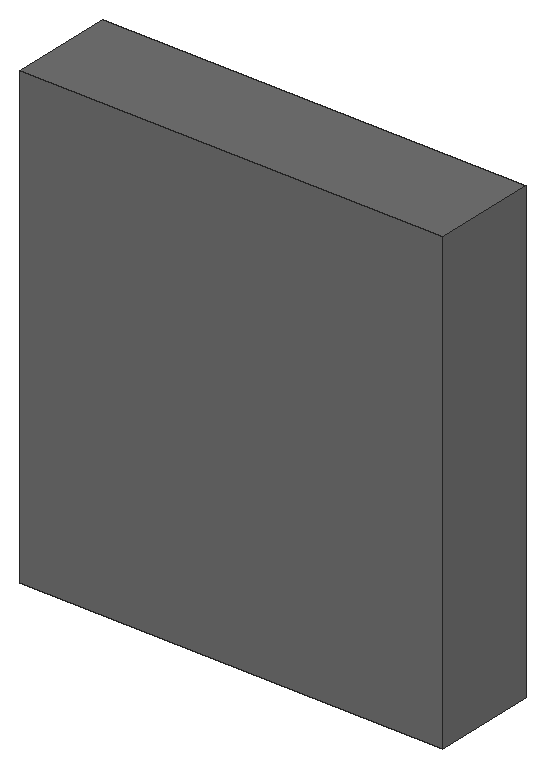
Revit family "HLSPS50 Strømforsyning 24VDC 5A", category Electrical Equipment, Revit 2016
Family settings
  Part Type = Other Panel
  Round Connector Dimension = Use Diameter
  OmniClass Number = 23.85.30.21.11
  OmniClass Title = Fire Detection, Monitoring and Alarm
  Work Plane-Based = No
  Always vertical = Yes
  Cut with Voids When Loaded = No
  Shared = No
  Room Calculation Point = No
Parameters (values of type "Strømforsyning")
  Type Comments = "-XG"
  Panel Name [instance] = "542"
  NS8360 = "5422_WB3"
  Manufacturer = "Honeywell"
  Keynote = "WB3"
  CQFontSymboler = ""
  CQ Width = 377 mm
  CQ Voltage = 230 V
  CQ Type tekst synlig = yes
  CQ Type = "24V"
  CQ Depth = 92 mm
  CQ Montering tekst synlig [instance] = no
  CQ Montering [instance] = "Vegg"
  CQ Material = Laminate, Dark Grey
  CQ Symbol Positive Direction [instance] = yes
  CQ Symbol Offset Side [instance] = 0 mm
  CQ Symbol Offset Out [instance] = 0 mm
  CQ Height = 408 mm
  CQ Font = 0 mm
  CQ Display = Laminate, Grey
  Assembly Code = "5422"
Reference planes
  plane 1 "Center (Front/Back)": y = 0
  plane 2: z = 0
  plane 3 "Center (Left/Right)": x = 0
  plane 4: z = 204
  plane 5: z = -204
  plane 6: x = -188.5
  plane 7: x = 188.5
  plane 8 "Front": y = 92
  plane 9: z = 144
  plane 10: y = 93
  plane 11: x = 148.5
Forms (mm)
  Extrusion 1, solid, material "Laminate, Dark Grey" <- "CQ Material"
    sketch origin (0, -130, 0) x (-1, 0, 0) y (0, 0, 1)
      loop
        line (188.5, 204) -> (-188.5, 204) -> (-188.5, -204) -> (188.5, -204) -> (188.5, 204)
    from 130 to 222
  Extrusion 2, solid, material "Laminate, Grey" <- "CQ Display"
    sketch origin (-30, 182, 0) x (-1, 0, 0) y (0, 0, 1)
      loop
        line (-78.5, 144) -> (-178.5, 144) -> (-178.5, 84) -> (-78.5, 84) -> (-78.5, 144)
    from -90 to -89
Lines and regions (mm)
  model lines, style "InvisibleLines"
    curve 1: line (0, 0, 0) -> (0, 0, 5)
  symbolic lines, style "InvisibleLines"
    curve 2: line (0, 92, 0) -> (0, 92, 629)
    curve 3: line (-188.5, 92, 0) -> (188.5, 92, 0)
    curve 4: line (188.5, 92, 0) -> (188.5, 0, 0)
    curve 5: line (-188.5, 0, 0) -> (-188.5, 92, 0)
Dimensions and locks
  equal spacing: plane 7, plane 3 "Center (Left/Right)", plane 6
  "CQ Width": plane 7 to plane 6
  equal spacing: plane 4, level, plane 5
  "CQ Height": plane 4 to plane 5
  "CQ Depth": plane 8 "Front" to plane 1 "Center (Front/Back)"
  plane 4 to plane 9 = 60 mm
  locked: plane 10 to plane 8 "Front" at 1
  locked: plane 7 to plane 11 at 40
  locked: plane 11 to Extrusion 2 sketch curve at 100
  locked: plane 9 to Extrusion 2 sketch curve at 60
  aligned and locked: level to plane 2
  aligned and locked: plane 3 "Center (Left/Right)" to nested 1
  aligned and locked: plane 1 "Center (Front/Back)" to nested 1
  aligned and locked: Extrusion 1 sketch curve to plane 6
  aligned and locked: Extrusion 1 sketch curve to plane 5
  aligned and locked: plane 7 to Extrusion 1 sketch curve
  aligned and locked: plane 8 "Front" to Extrusion 1
  aligned and locked: plane 1 "Center (Front/Back)" to Extrusion 1
  aligned and locked: plane 3 "Center (Left/Right)" to curve 2
  aligned and locked: level to curve 2
  aligned and locked: curve 3 to plane 8 "Front"
  aligned and locked: plane 7 to Extrusion 1
  aligned and locked: Extrusion 1 to plane 6
  aligned and locked: Extrusion 2 to plane 8 "Front"
  aligned and locked: plane 10 to Extrusion 2
  aligned and locked: plane 9 to Extrusion 2
  aligned and locked: plane 11 to Extrusion 2
Automatic sketch dimensions
  curve 1 to plane 3 "Center (Left/Right)" = 0 mm
  curve 1 to level = 0 mm
  level to curve 1 = 5 mm
  curve 5 to plane 6 = 0 mm
  plane 1 "Center (Front/Back)" to curve 4 = 0 mm
  curve 4 to plane 7 = 0 mm
  plane 1 "Center (Front/Back)" to curve 5 = 0 mm
  Extrusion 1 sketch curve to plane 4 = 0 mm
  plane 4 to curve 2 = 425 mm
  Extrusion 2 sketch curve to plane 9 = 0 mm
  Extrusion 2 sketch curve to plane 7 = 40 mm
Nested families
  nested 1: "Brannalarmsentral Symbol" at (0, 0, 0), type "Type 1"
Connectors
  electrical at (0, 0, 0), driven by "CQ Voltage"
    settings: index 1, voltage 230 V, apparent load 0 VA, apparent load phase1 0 VA, apparent load phase2 0 VA, apparent load phase3 0 VA, power factor 1, load classification "Other", number of poles 1, system type 31, power factor state 1, is connector primary yes, connector utility no, sub classification motor no, connector description ""
  electrical at (0, 0, 0)
    settings: index 2, voltage 0 V, apparent load 0 VA, apparent load phase1 0 VA, apparent load phase2 0 VA, apparent load phase3 0 VA, power factor 1, load classification "Other", number of poles 1, system type 11, power factor state 1, is connector primary no, connector utility no, sub classification motor no, connector description ""
Definition of nested family "Brannalarmsentral Symbol"
  Parameters (values of type "Type 1")
    Type tekst synlig = yes
    Type = "BS"
    Montering tekst synlig = no
    Montering = "Vegg"
    CQ Symbol Positive Direction = yes
    CQ Symbol Negative Direction = not(CQ Symbol Positive Direction)  # no
    CQ Symbol Offset Side = 0 mm
    CQ Symbol Offset Out = 0 mm
  Reference planes
    plane 1: y = 0
    plane 2: x = 0
  Dimensions and locks
    "CQ Symbol Offset Side": nested 2 to plane 2
    "CQ Symbol Offset Side": plane 2 to nested 1
    "CQ Symbol Offset Out": plane 1 to nested 1
    "CQ Symbol Offset Out": plane 1 to nested 2
  Nested families
    nested 1: "Brannalarmsentral" at (0, 0, 0), visible <- "CQ Symbol Positive Direction", type "Type1"
    nested 2: "Brannalarmsentral" at (0, 0, 0), visible <- "CQ Symbol Negative Direction", type "Type1"
  Definition of nested family "Brannalarmsentral"
    Parameters (values of type "Type1")
      Type tekst synlig = yes
      Type = "BS"
      Montering tekst synlig = no
      Montering = "Vegg"
    Reference planes
      plane 1: y = 0
      plane 2: x = 0
    Lines and regions (mm)
      detail lines
        curve 1: line (-2.5, 2, 0) -> (2.5, 2, 0)
        curve 2: line (2.5, 2, 0) -> (2.5, 7, 0)
        curve 3: line (2.5, 7, 0) -> (-2.5, 7, 0)
        curve 4: line (-2.5, 7, 0) -> (-2.5, 2, 0)
        curve 5: circle (-1.25, 3, 0) r 0.25 normal (0, 0, 1)
        curve 6: line (-1.25, 3.75, 0) -> (-1, 6, 0)
        curve 7: arc (-1, 6, 0) -> (-1.25, 6.25, 0) -> (-1.5, 6, 0) r 0.25
        curve 8: line (-1.5, 6, 0) -> (-1.25, 3.75, 0)
        curve 9: line (-1.25, 5, 0) -> (-1.25, 6, 0)
      detail lines, visible <- "Type tekst synlig"
        curve 10: line (-2.5, 0, 0) -> (2.5, 0, 0)
        curve 11: line (-2.5, 0, 0) -> (-2.5, 2, 0)
        curve 12: line (2.5, 0, 0) -> (2.5, 2, 0)
    Nested families
      nested 1: "txt 1_50" at (3.379, 6.924, 0), visible <- "Montering tekst synlig", Type Name <- "Montering", type "txt"
        with Type Name "Vegg"
      nested 2: "txt 1_50" at (-1.949, 0.863, 0), visible <- "Type tekst synlig", Type Name <- "Type", type "txt"
        with Type Name "BS"
    Definition of nested family "txt 1_50"
      Parameters (values of type "txt")
        Type Name [instance] = "HIM"
      Reference planes
        plane 1: y = 0
        plane 2: x = 0
      Text (mm)
        label "TXT" at (1.952, 0, 0), shows "Type Name"
